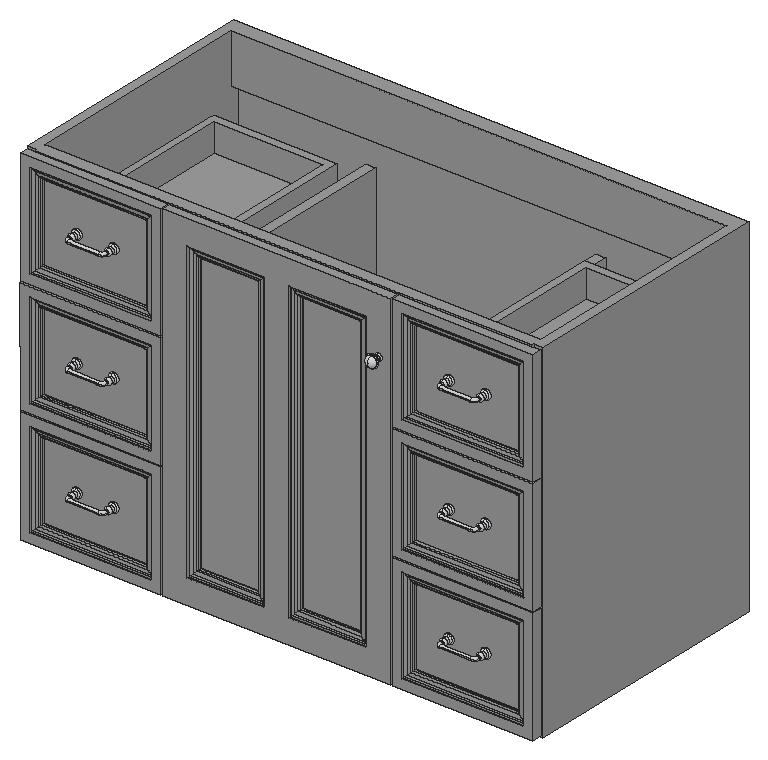
Revit family "Furniture-Vanity-KOHLER-Damask-K-99563", category Casework, host Face, Revit 2020
Family settings
  Host = Face
  OmniClass Number = 23.40.35.17.47.14
  OmniClass Title = Bathroom Casework
  Cut with Voids When Loaded = No
  Shared = No
  Room Calculation Point = No
Parameters (values of type "Not a Type-See Type Catalog")
  Width = if(LG, 42 3/4", 42")  # 42"
  URL = "https://www.us.kohler.com/us/"
  Type = 0
  TK = or(Type = 10, Type = 11, Type = 12, Type = 13, Type = 14, Type = 15, Type = 16, Type = 17, Type = 18)  # no
  Product data url = "https://bimobject.com/kohler/product/kohler-K-99563-LG"
  Product Page URL = "http://www.us.kohler.com/us/catalog/productDetails.jsp?productNumber=99563-LG"
  Product Name = "Damask"  # constant formula
  Product Guid = "89f5e6b5-1f7d-48f5-865e-22bb37d1e58b"
  Product Documentation Link = "http://www.us.kohler.com/onlinecatalog/pdf/K-99563-LG_spec.pdf"
  Model = if(Type = 1, "K-99563-LG-1WA", if(Type = 2, "K-99563-LG-1WF", if(Type = 3, "K-99563-LG-1WD", if(Type = 4, "K-99563-LG-1WG", if(Type = 5, "K-99563-LG-1WB", if(Type = 6, "K-99563-LG-1WC", if(Type = 7, "K-99563-LG-1WE", if(Type = 8, "K-99563-LG-1WT", if(Type = 9, "K-99563-LG-1WU", if(Type = 10, "K-99563-TK-1WA", if(Type = 11, "K-99563-TK-1WF", if(Type = 12, "K-99563-TK-1WD", if(Type = 13, "K-99563-TK-1WG", if(Type = 14, "K-99563-TK-1WB", if(Type = 15, "K-99563-TK-1WC", if(Type = 16, "K-99563-TK-1WE", if(Type = 17, "K-99563-TK-1WT", if(Type = 18, "K-99563-TK-1WU", "NA"))))))))))))))))))  # "NA"
  Material = "Solid Wood and Veneers"  # constant formula
  MasterFormat 2004 = "08.71.73"  # constant formula
  MasterFormat 1995 = "08715"  # constant formula
  Manufacturer Address = "444 Highland Dr, Kohler, WI 53044"  # constant formula
  Manufacturer = "KOHLER Co."  # constant formula
  Product Finish = Default
  LG = or(Type = 1, Type = 2, Type = 3, Type = 4, Type = 5, Type = 6, Type = 7, Type = 8, Type = 9)  # no
  Height = 34 1/2"  # constant formula
  Hardware Included = 0 = 1  # no
  Finish = if(Type = 1, "Kohler-Wood-1WA-Linen White", if(Type = 2, "Kohler-Wood-1WF-Khaki White Oak", if(Type = 3, "Kohler-Wood-1WD-Ramie Walnut", if(Type = 4, "Kohler-Wood-1WG-Cherry Tweed", if(Type = 5, "Kohler-Wood-1WB-Claret Suede", if(Type = 6, "Kohler-Wood-1WC-Felt Grey", if(Type = 7, "Kohler-Wood-1WE-Terry Walnut", if(Type = 8, "Kohler-Wood-1WT-Mohair Grey", if(Type = 9, "Kohler-Wood-1WU-Batiste Black", if(Type = 10, "Kohler-Wood-1WA-Linen White", if(Type = 11, "Kohler-Wood-1WF-Khaki White Oak", if(Type = 12, "Kohler-Wood-1WD-Ramie Walnut", if(Type = 13, "Kohler-Wood-1WG-Cherry Tweed", if(Type = 14, "Kohler-Wood-1WB-Claret Suede", if(Type = 15, "Kohler-Wood-1WC-Felt Grey", if(Type = 16, "Kohler-Wood-1WE-Terry Walnut", if(Type = 17, "Kohler-Wood-1WT-Mohair Grey", if(Type = 18, "Kohler-Wood-1WU-Batiste Black", "NA"))))))))))))))))))  # "NA"
  Environmental Product Declaration = ""
  Edition number = 1
  Description = if(or(Type = 1, Type = 2, Type = 3, Type = 4, Type = 5, Type = 6, Type = 7, Type = 8, Type = 9), "42 inch bathroom vanity cabinet with furniture legs, 1 door and 6 drawers", if(or(Type = 10, Type = 11, Type = 12, Type = 13, Type = 14, Type = 15, Type = 16, Type = 17, Type = 18), "42 inch bathroom vanity cabinet with toe kick, 1 door and 6 drawers", "NA"))  # "NA"
  Depth = if(LG, 22 1/4", 21 7/8")  # 21 7/8"
  Default Elevation = 0"
  Declare Label = ""
  Date Modified = "06/13/2018"  # constant formula
  Date Created = "06/13/2018"  # constant formula
  Copyright = "Copyright KOHLER Co."  # constant formula
  Contact Us = "https://www.us.kohler.com/us/static/contact.jsp"
  Construction Type = "Floor_Mount"  # constant formula
  Assembly Code = "E2010"
  ADA Compliant = 1 = 0  # no
Reference planes (in)
  plane 1 "Center (Front/Back)": y = 0
  plane 2: z = 0
  plane 3 "Center (Left/Right)": x = 0
  plane 4: x = -21
  plane 5: x = 21
  plane 6: y = 11.5625
  plane 7: y = -10.3125
  plane 8: z = 34.5
Dimensions and locks (in)
  equal spacing: plane 4, plane 3 "Center (Left/Right)", plane 5
  "Width": plane 4 to plane 5
  "Height": plane 8 to level
  "Depth": plane 6 to plane 7
  aligned and locked: plane 2 to host face
  aligned and locked: level to host face
  aligned and locked: plane 6 to nested 1
  aligned and locked: plane 8 to nested 1  (x2)
  aligned and locked: level to nested 1
Automatic sketch dimensions
  host sketch curve to host sketch curve = 96"  (x2)
Nested families (in)
  nested 1: "K-99563" at (0, 0, 0), type "K-99563"
    with LG no
Definition of nested family "K-99563"
  Parameters (values of type "K-99563")
    TK = no
    Material = none
    LG = yes
    Default Elevation = 0"
  Reference planes (in)
    plane 1 "Center (Front/Back)": y = 0
    plane 2: z = 0
    plane 3 "Center (Left/Right)": x = 0
    plane 4: z = 34.5
    plane 5: y = 11.5625
    plane 6: y = -10.6875
  Forms (in)
    Extrusion 1, solid, material <- "Material", detail levels medium+fine
      sketch origin (0, 0, 0) x (1, 0, 0) y (0, 1, 0)
        loop
          line (21, 11.5625) -> (-21, 11.5625) -> (-21, -9.4375) -> (-20.25, -9.4375) -> (-20.25, 11.0625) -> (20.25, 11.0625) -> (20.25, -9.4375) -> (21, -9.4375) -> (21, 11.5625)
      from 6.0625 to 34.5625
    Extrusion 2, solid, material <- "Material", detail levels medium+fine
      sketch origin (0, 0, 0) x (1, 0, 0) y (0, 1, 0)
        loop
          line (-20.25, 10.3125) -> (20.25, 10.3125) -> (20.25, 11.0625) -> (-20.25, 11.0625) -> (-20.25, 10.3125)
      from 30.5625 to 34.5625
    Extrusion 3, solid, material <- "Material", detail levels medium+fine
      sketch origin (0, 0, 0) x (1, 0, 0) y (0, 1, 0)
        loop
          line (-10.125, 8.4375) -> (-20.25, 8.4375) -> (-20.25, -9.3125) -> (-19.625, -9.3125) -> (-19.625, 7.8125) -> (-10.75, 7.8125) -> (-10.75, -9.3125) -> (-10.125, -9.3125) -> (-10.125, 8.4375)
        loop
          line (20.25, 8.4375) -> (10.125, 8.4375) -> (10.125, -9.3125) -> (10.75, -9.3125) -> (10.75, 7.8125) -> (19.625, 7.8125) -> (19.625, -9.3125) -> (20.25, -9.3125) -> (20.25, 8.4375)
      from 6.8125 to 29.22917
    Extrusion 4, solid, material <- "Material", detail levels medium+fine
      sketch origin (0, 0, 0) x (1, 0, 0) y (0, 0, 1)
        loop
          line (-10.5, 26.72917) -> (-10.5, 26.97917) -> (-19.875, 26.97917) -> (-19.875, 26.72917) -> (-10.5, 26.72917)
        loop
          line (19.875, 26.97917) -> (10.5, 26.97917) -> (10.5, 26.72917) -> (19.875, 26.72917) -> (19.875, 26.97917)
      from -8.0625 to 9.1875
    Extrusion 5, solid, material <- "Material", detail levels medium+fine
      sketch origin (0, 0, 0) x (0, 1, 0) y (0, 0, 1)
        loop
          line (-7.4375, 33.5625) -> (-8.6875, 33.5625) -> (-8.6875, 31.5625) -> (-9.4375, 31.5625) -> (-9.4375, 6.8125) -> (11.0625, 6.8125) -> (11.0625, 28.1875) -> (-5.4375, 28.1875)
          arc (-5.4375, 28.1875) -> (-6.85171, 28.77329) -> (-7.4375, 30.1875) r 2
          line (-7.4375, 30.1875) -> (-7.4375, 33.5625)
      from 9 to 9.75
    Extrusion 6, solid, material <- "Material", detail levels medium+fine
      sketch origin (0, 0, 0) x (0, 1, 0) y (0, 0, 1)
        loop
          line (-7.4375, 33.5625) -> (-8.6875, 33.5625) -> (-8.6875, 31.5625) -> (-9.4375, 31.5625) -> (-9.4375, 6.8125) -> (11.0625, 6.8125) -> (11.0625, 28.1875) -> (-5.4375, 28.1875)
          arc (-5.4375, 28.1875) -> (-6.85171, 28.77329) -> (-7.4375, 30.1875) r 2
          line (-7.4375, 30.1875) -> (-7.4375, 33.5625)
      from -9.74998 to -8.99997
    Extrusion 7, solid, material <- "Material", detail levels medium+fine
      sketch origin (0, 0, 0) x (1, 0, 0) y (0, 1, 0)
        loop
          line (10.5, -9.1875) -> (20.062, -9.1875) -> (20.062, -8.6875) -> (10.5, -8.6875) -> (10.5, -9.1875)
        loop
          line (-10.3125, -8.6875) -> (-19.875, -8.6875) -> (-19.875, -9.1875) -> (-10.3125, -9.1875) -> (-10.3125, -8.6875)
      from 6.8125 to 29.22917
    Extrusion 8, solid, material <- "Material", detail levels medium+fine
      sketch origin (0, 0, 0) x (1, 0, 0) y (0, 1, 0)
        loop
          line (-20.25, -9.5625) -> (20.25, -9.5625) -> (20.25, -8.6875) -> (-20.25, -8.6875) -> (-20.25, -9.5625)
      from 30.56182 to 34.5625
    Extrusion 9, solid, material <- "Material", detail levels medium+fine
      sketch origin (0, 0, 0) x (1, 0, 0) y (0, 0, 1)
        loop
          line (-9.4375, 34.4375) -> (-20.9375, 34.4375) -> (-20.9375, 25.10417) -> (-9.4375, 25.10417) -> (-9.4375, 34.4375)
        loop
          line (-10.18755, 25.85422) -> (-10.18755, 33.68745) -> (-20.18745, 33.68745) -> (-20.18745, 25.85422) -> (-10.18755, 25.85422)
        loop
          line (-9.4375, 24.97917) -> (-20.9375, 24.97917) -> (-20.9375, 15.64583) -> (-9.4375, 15.64583) -> (-9.4375, 24.97917)
        loop
          line (-10.18755, 16.39588) -> (-10.18755, 24.22912) -> (-20.18745, 24.22912) -> (-20.18745, 16.39588) -> (-10.18755, 16.39588)
        loop
          line (-9.4375, 15.52083) -> (-20.9375, 15.52083) -> (-20.9375, 6.1875) -> (-9.4375, 6.1875) -> (-9.4375, 15.52083)
        loop
          line (-20.18745, 14.77078) -> (-20.18745, 6.93755) -> (-10.18755, 6.93755) -> (-10.18755, 14.77078) -> (-20.18745, 14.77078)
        loop
          line (-9.3125, 6.1875) -> (9.31249, 6.1875) -> (9.31249, 34.4375) -> (-9.3125, 34.4375) -> (-9.3125, 6.1875)
        loop
          line (-7.3125, 32.4375) -> (-7.3125, 8.1875) -> (-0.99955, 8.1875) -> (-0.99955, 32.4375) -> (-7.3125, 32.4375)
        loop
          line (7.31249, 32.4375) -> (1.00052, 32.4375) -> (1.00052, 8.1875) -> (7.31249, 8.1875) -> (7.31249, 32.4375)
        loop
          line (20.9375, 34.4375) -> (9.4375, 34.4375) -> (9.4375, 25.10417) -> (20.9375, 25.10417) -> (20.9375, 34.4375)
        loop
          line (20.18745, 33.68745) -> (10.18755, 33.68745) -> (10.18755, 25.85422) -> (20.18745, 25.85422) -> (20.18745, 33.68745)
        loop
          line (20.937, 24.97917) -> (9.437, 24.97917) -> (9.437, 15.64583) -> (20.937, 15.64583) -> (20.937, 24.97917)
        loop
          line (10.18705, 24.22912) -> (10.18705, 16.39588) -> (20.18695, 16.39588) -> (20.18695, 24.22912) -> (10.18705, 24.22912)
        loop
          line (20.937, 15.52083) -> (9.437, 15.52083) -> (9.437, 6.1875) -> (20.937, 6.1875) -> (20.937, 15.52083)
        loop
          line (10.18705, 14.77078) -> (10.18705, 6.93755) -> (20.18695, 6.93755) -> (20.18695, 14.77078) -> (10.18705, 14.77078)
      from 9.5625 to 10.3125
    Sweep 10, solid, material <- "Material", detail levels medium+fine
      path origin (0, 0, 0) x (1, 0, 0) y (0, 0, 1)
        loop
          line (-10.9375, 32.9375) -> (-19.4375, 32.9375) -> (-19.4375, 26.60416) -> (-10.9375, 26.60416) -> (-10.9375, 32.9375)
      profile origin (-19.4375, 0, 29.77083) x (-1, 0, 0) y (0, -1, 0)
        loop
          line (0.5, 9.5625) -> (0.74995, 9.5625) -> (0.74995, 10.1875) -> (0.62495, 10.1875)
          arc (0.62495, 10.1875) -> (0.55976, 10.1366) -> (0.48333, 10.10497) r 0.30669
          arc (0.48333, 10.10497) -> (0.34773, 10.07361) -> (0.21049, 10.05043) r 2.32593
          arc (0.21049, 10.05043) -> (0.13431, 10.03148) -> (0.06384, 9.99688) r 0.36989
          arc (0.06384, 9.99688) -> (0.01702, 9.94723) -> (0, 9.88114) r 0.13684
          line (0, 9.88114) -> (0, 9.8125) -> (0.5, 9.8125) -> (0.5, 9.5625)
    Sweep 11, solid, material <- "Material", detail levels medium+fine
      path origin (0, 0, -9.45796) x (1, 0, 0) y (0, 0, 1)
        loop
          line (-10.9375, 32.9375) -> (-19.4375, 32.9375) -> (-19.4375, 26.60416) -> (-10.9375, 26.60416) -> (-10.9375, 32.9375)
      profile origin (-19.4375, 0, 20.31288) x (-1, 0, 0) y (0, -1, 0)
        loop
          line (0.5, 9.5625) -> (0.74995, 9.5625) -> (0.74995, 10.1875) -> (0.62495, 10.1875)
          arc (0.62495, 10.1875) -> (0.55976, 10.1366) -> (0.48333, 10.10497) r 0.30669
          arc (0.48333, 10.10497) -> (0.34773, 10.07361) -> (0.21049, 10.05043) r 2.32593
          arc (0.21049, 10.05043) -> (0.13431, 10.03148) -> (0.06384, 9.99688) r 0.36989
          arc (0.06384, 9.99688) -> (0.01702, 9.94723) -> (0, 9.88114) r 0.13684
          line (0, 9.88114) -> (0, 9.8125) -> (0.5, 9.8125) -> (0.5, 9.5625)
    Sweep 12, solid, material <- "Material", detail levels medium+fine
      path origin (0, 0, -18.91629) x (1, 0, 0) y (0, 0, 1)
        loop
          line (-10.9375, 32.9375) -> (-19.4375, 32.9375) -> (-19.4375, 26.60416) -> (-10.9375, 26.60416) -> (-10.9375, 32.9375)
      profile origin (-19.4375, 0, 10.85454) x (-1, 0, 0) y (0, -1, 0)
        loop
          line (0.5, 9.5625) -> (0.74995, 9.5625) -> (0.74995, 10.1875) -> (0.62495, 10.1875)
          arc (0.62495, 10.1875) -> (0.55976, 10.1366) -> (0.48333, 10.10497) r 0.30669
          arc (0.48333, 10.10497) -> (0.34773, 10.07361) -> (0.21049, 10.05043) r 2.32593
          arc (0.21049, 10.05043) -> (0.13431, 10.03148) -> (0.06384, 9.99688) r 0.36989
          arc (0.06384, 9.99688) -> (0.01702, 9.94723) -> (0, 9.88114) r 0.13684
          line (0, 9.88114) -> (0, 9.8125) -> (0.5, 9.8125) -> (0.5, 9.5625)
    Sweep 13, solid, material <- "Material", detail levels medium+fine
      path origin (30.37411, 0, -18.91629) x (1, 0, 0) y (0, 0, 1)
        loop
          line (-10.9375, 32.9375) -> (-19.4375, 32.9375) -> (-19.4375, 26.60416) -> (-10.9375, 26.60416) -> (-10.9375, 32.9375)
      profile origin (10.93661, 0, 10.85454) x (-1, 0, 0) y (0, -1, 0)
        loop
          line (0.5, 9.5625) -> (0.74995, 9.5625) -> (0.74995, 10.1875) -> (0.62495, 10.1875)
          arc (0.62495, 10.1875) -> (0.55976, 10.1366) -> (0.48333, 10.10497) r 0.30669
          arc (0.48333, 10.10497) -> (0.34773, 10.07361) -> (0.21049, 10.05043) r 2.32593
          arc (0.21049, 10.05043) -> (0.13431, 10.03148) -> (0.06384, 9.99688) r 0.36989
          arc (0.06384, 9.99688) -> (0.01702, 9.94723) -> (0, 9.88114) r 0.13684
          line (0, 9.88114) -> (0, 9.8125) -> (0.5, 9.8125) -> (0.5, 9.5625)
    Sweep 14, solid, material <- "Material", detail levels medium+fine
      path origin (30.37411, 0, -9.45796) x (1, 0, 0) y (0, 0, 1)
        loop
          line (-10.9375, 32.9375) -> (-19.4375, 32.9375) -> (-19.4375, 26.60416) -> (-10.9375, 26.60416) -> (-10.9375, 32.9375)
      profile origin (10.93661, 0, 20.31288) x (-1, 0, 0) y (0, -1, 0)
        loop
          line (0.5, 9.5625) -> (0.74995, 9.5625) -> (0.74995, 10.1875) -> (0.62495, 10.1875)
          arc (0.62495, 10.1875) -> (0.55976, 10.1366) -> (0.48333, 10.10497) r 0.30669
          arc (0.48333, 10.10497) -> (0.34773, 10.07361) -> (0.21049, 10.05043) r 2.32593
          arc (0.21049, 10.05043) -> (0.13431, 10.03148) -> (0.06384, 9.99688) r 0.36989
          arc (0.06384, 9.99688) -> (0.01702, 9.94723) -> (0, 9.88114) r 0.13684
          line (0, 9.88114) -> (0, 9.8125) -> (0.5, 9.8125) -> (0.5, 9.5625)
    Sweep 15, solid, material <- "Material", detail levels medium+fine
      path origin (30.37411, 0, 0.00038) x (1, 0, 0) y (0, 0, 1)
        loop
          line (-10.9375, 32.9375) -> (-19.4375, 32.9375) -> (-19.4375, 26.60416) -> (-10.9375, 26.60416) -> (-10.9375, 32.9375)
      profile origin (10.93661, 0, 29.77121) x (-1, 0, 0) y (0, -1, 0)
        loop
          line (0.5, 9.5625) -> (0.74995, 9.5625) -> (0.74995, 10.1875) -> (0.62495, 10.1875)
          arc (0.62495, 10.1875) -> (0.55976, 10.1366) -> (0.48333, 10.10497) r 0.30669
          arc (0.48333, 10.10497) -> (0.34773, 10.07361) -> (0.21049, 10.05043) r 2.32593
          arc (0.21049, 10.05043) -> (0.13431, 10.03148) -> (0.06384, 9.99688) r 0.36989
          arc (0.06384, 9.99688) -> (0.01702, 9.94723) -> (0, 9.88114) r 0.13684
          line (0, 9.88114) -> (0, 9.8125) -> (0.5, 9.8125) -> (0.5, 9.5625)
    Sweep 16, solid, material <- "Material", detail levels medium+fine
      path origin (0, 0, 0) x (1, 0, 0) y (0, 0, 1)
        loop
          line (-6.5625, 31.68755) -> (-6.5625, 8.93745) -> (-1.7495, 8.93745) -> (-1.7495, 31.68755) -> (-6.5625, 31.68755)
      profile origin (-6.5625, 0, 20.3125) x (0, -1, 0) y (1, 0, 0)
        loop
          line (9.5625, -0.49995) -> (9.5625, -0.7499) -> (10.1875, -0.7499) -> (10.1875, -0.6249)
          arc (10.1875, -0.6249) -> (10.1366, -0.55971) -> (10.10497, -0.48328) r 0.30669
          arc (10.10497, -0.48328) -> (10.07361, -0.34768) -> (10.05043, -0.21044) r 2.32593
          arc (10.05043, -0.21044) -> (10.03148, -0.13426) -> (9.99688, -0.06379) r 0.36989
          arc (9.99688, -0.06379) -> (9.94723, -0.01697) -> (9.88114, 0.00005) r 0.13684
          line (9.88114, 0.00005) -> (9.8125, 0.00005) -> (9.8125, -0.49995) -> (9.5625, -0.49995)
    Sweep 17, solid, material <- "Material", detail levels medium+fine
      path origin (8.31295, 0, 0) x (1, 0, 0) y (0, 0, 1)
        loop
          line (-6.5625, 31.68755) -> (-6.5625, 8.93745) -> (-1.7495, 8.93745) -> (-1.7495, 31.68755) -> (-6.5625, 31.68755)
      profile origin (1.75045, 0, 20.3125) x (0, -1, 0) y (1, 0, 0)
        loop
          line (9.5625, -0.49995) -> (9.5625, -0.7499) -> (10.1875, -0.7499) -> (10.1875, -0.6249)
          arc (10.1875, -0.6249) -> (10.1366, -0.55971) -> (10.10497, -0.48328) r 0.30669
          arc (10.10497, -0.48328) -> (10.07361, -0.34768) -> (10.05043, -0.21044) r 2.32593
          arc (10.05043, -0.21044) -> (10.03148, -0.13426) -> (9.99688, -0.06379) r 0.36989
          arc (9.99688, -0.06379) -> (9.94723, -0.01697) -> (9.88114, 0.00005) r 0.13684
          line (9.88114, 0.00005) -> (9.8125, 0.00005) -> (9.8125, -0.49995) -> (9.5625, -0.49995)
    Revolve 18, solid, detail levels medium+fine
      sketch origin (8.31236, 0, 0) x (0, 1, 0) y (0, 0, 1)
        loop
          line (-10.31286, 29.8126) -> (-10.31286, 30.07824)
          arc (-10.31286, 30.07824) -> (-10.38655, 30.05758) -> (-10.43717, 30.00017) r 0.135
          line (-10.43717, 30.00017) -> (-10.49965, 30.00017)
          arc (-10.49965, 30.00017) -> (-10.5255, 30.06435) -> (-10.58815, 30.09372) r 0.09453
          line (-10.58815, 30.09372) -> (-10.71562, 30.10187)
          arc (-10.71562, 30.10187) -> (-10.82949, 30.14313) -> (-10.90331, 30.23915) r 0.21622
          arc (-10.90331, 30.23915) -> (-10.96052, 30.30257) -> (-11.0459, 30.30487) r 0.10839
          arc (-11.0459, 30.30487) -> (-11.05804, 30.29512) -> (-11.06262, 30.28023) r 0.02651
          line (-11.06262, 30.28023) -> (-11.06262, 30.24225)
          arc (-11.06262, 30.24225) -> (-11.31114, 30.08874) -> (-11.40642, 29.8126) r 0.43477
          line (-11.40642, 29.8126) -> (-10.31286, 29.8126)
        axis (-11.40642, 29.8126) -> (-10.31286, 29.8126)
      angle from 0 to 360
    Revolve 19, solid, detail levels medium+fine
      sketch origin (-16.6875, 0, -0.00006) x (0, 1, 0) y (0, 0, 1)
        loop
          line (-9.81209, 29.81258) -> (-10.59119, 29.81258) -> (-10.59119, 29.68757) -> (-10.55153, 29.68757)
          arc (-10.55153, 29.68757) -> (-10.53676, 29.68208) -> (-10.52917, 29.66826) r 0.02259
          arc (-10.52917, 29.66826) -> (-10.46379, 29.57627) -> (-10.35093, 29.57533) r 0.12405
          arc (-10.35093, 29.57533) -> (-10.22867, 29.61016) -> (-10.10211, 29.59809) r 0.34313
          arc (-10.10211, 29.59809) -> (-9.9998, 29.54928) -> (-9.91862, 29.47015) r 0.34776
          arc (-9.91862, 29.47015) -> (-9.87075, 29.43623) -> (-9.81209, 29.43758) r 0.09332
          line (-9.81209, 29.43758) -> (-9.81209, 29.81258)
        axis (-10.59119, 29.81258) -> (-9.81209, 29.81258)
      angle from 0 to 360
    Revolve 20, solid, detail levels medium+fine
      sketch origin (-13.68753, 0, -0.00008) x (0, 1, 0) y (0, 0, 1)
        loop
          line (-9.81209, 29.81258) -> (-10.59119, 29.81258) -> (-10.59119, 29.68757) -> (-10.55153, 29.68757)
          arc (-10.55153, 29.68757) -> (-10.53676, 29.68208) -> (-10.52917, 29.66826) r 0.02259
          arc (-10.52917, 29.66826) -> (-10.46379, 29.57627) -> (-10.35093, 29.57533) r 0.12405
          arc (-10.35093, 29.57533) -> (-10.22867, 29.61016) -> (-10.10211, 29.59809) r 0.34313
          arc (-10.10211, 29.59809) -> (-9.9998, 29.54928) -> (-9.91862, 29.47015) r 0.34776
          arc (-9.91862, 29.47015) -> (-9.87075, 29.43623) -> (-9.81209, 29.43758) r 0.09332
          line (-9.81209, 29.43758) -> (-9.81209, 29.81258)
        axis (-10.59119, 29.81258) -> (-9.81209, 29.81258)
      angle from 0 to 360
    Sweep 21, solid, detail levels medium+fine
      path origin (0, 0, 0) x (1, 0, 0) y (0, 1, 0)
        loop
          line (-16.6875, -10.59119) -> (-16.6875, -10.71492)
          arc (-16.6875, -10.71492) -> (-16.62229, -10.87236) -> (-16.46485, -10.93758) r 0.22266
          line (-16.46485, -10.93758) -> (-13.91056, -10.93758)
          arc (-13.91056, -10.93758) -> (-13.75285, -10.87225) -> (-13.68753, -10.71455) r 0.22303
          line (-13.68753, -10.71455) -> (-13.68753, -10.59119)
      profile origin (-16.6875, -10.65305, 0) x (1, 0, 0) y (0, 0, 1)
        loop
          circle (0, 29.81252) r 0.12501
    Revolve 22, solid, detail levels medium+fine
      sketch origin (-16.6875, 0, -9.45864) x (0, 1, 0) y (0, 0, 1)
        loop
          line (-9.81209, 29.81258) -> (-10.59119, 29.81258) -> (-10.59119, 29.68757) -> (-10.55153, 29.68757)
          arc (-10.55153, 29.68757) -> (-10.53676, 29.68208) -> (-10.52917, 29.66826) r 0.02259
          arc (-10.52917, 29.66826) -> (-10.46379, 29.57627) -> (-10.35093, 29.57533) r 0.12405
          arc (-10.35093, 29.57533) -> (-10.22867, 29.61016) -> (-10.10211, 29.59809) r 0.34313
          arc (-10.10211, 29.59809) -> (-9.9998, 29.54928) -> (-9.91862, 29.47015) r 0.34776
          arc (-9.91862, 29.47015) -> (-9.87075, 29.43623) -> (-9.81209, 29.43758) r 0.09332
          line (-9.81209, 29.43758) -> (-9.81209, 29.81258)
        axis (-10.59119, 29.81258) -> (-9.81209, 29.81258)
      angle from 0 to 360
    Revolve 23, solid, detail levels medium+fine
      sketch origin (-13.68753, 0, -9.45865) x (0, 1, 0) y (0, 0, 1)
        loop
          line (-9.81209, 29.81258) -> (-10.59119, 29.81258) -> (-10.59119, 29.68757) -> (-10.55153, 29.68757)
          arc (-10.55153, 29.68757) -> (-10.53676, 29.68208) -> (-10.52917, 29.66826) r 0.02259
          arc (-10.52917, 29.66826) -> (-10.46379, 29.57627) -> (-10.35093, 29.57533) r 0.12405
          arc (-10.35093, 29.57533) -> (-10.22867, 29.61016) -> (-10.10211, 29.59809) r 0.34313
          arc (-10.10211, 29.59809) -> (-9.9998, 29.54928) -> (-9.91862, 29.47015) r 0.34776
          arc (-9.91862, 29.47015) -> (-9.87075, 29.43623) -> (-9.81209, 29.43758) r 0.09332
          line (-9.81209, 29.43758) -> (-9.81209, 29.81258)
        axis (-10.59119, 29.81258) -> (-9.81209, 29.81258)
      angle from 0 to 360
    Sweep 24, solid, detail levels medium+fine
      path origin (0, 0, -9.45833) x (1, 0, 0) y (0, 1, 0)
        loop
          line (-16.6875, -10.59119) -> (-16.6875, -10.71492)
          arc (-16.6875, -10.71492) -> (-16.62229, -10.87236) -> (-16.46485, -10.93758) r 0.22266
          line (-16.46485, -10.93758) -> (-13.91056, -10.93758)
          arc (-13.91056, -10.93758) -> (-13.75285, -10.87225) -> (-13.68753, -10.71455) r 0.22303
          line (-13.68753, -10.71455) -> (-13.68753, -10.59119)
      profile origin (-16.6875, -10.65305, -9.45833) x (1, 0, 0) y (0, 0, 1)
        loop
          circle (0, 29.81252) r 0.12501
    Revolve 25, solid, detail levels medium+fine
      sketch origin (-16.6875, 0, -18.91675) x (0, 1, 0) y (0, 0, 1)
        loop
          line (-9.81209, 29.81258) -> (-10.59119, 29.81258) -> (-10.59119, 29.68757) -> (-10.55153, 29.68757)
          arc (-10.55153, 29.68757) -> (-10.53676, 29.68208) -> (-10.52917, 29.66826) r 0.02259
          arc (-10.52917, 29.66826) -> (-10.46379, 29.57627) -> (-10.35093, 29.57533) r 0.12405
          arc (-10.35093, 29.57533) -> (-10.22867, 29.61016) -> (-10.10211, 29.59809) r 0.34313
          arc (-10.10211, 29.59809) -> (-9.9998, 29.54928) -> (-9.91862, 29.47015) r 0.34776
          arc (-9.91862, 29.47015) -> (-9.87075, 29.43623) -> (-9.81209, 29.43758) r 0.09332
          line (-9.81209, 29.43758) -> (-9.81209, 29.81258)
        axis (-10.59119, 29.81258) -> (-9.81209, 29.81258)
      angle from 0 to 360
    Revolve 26, solid, detail levels medium+fine
      sketch origin (-13.68753, 0, -18.91676) x (0, 1, 0) y (0, 0, 1)
        loop
          line (-9.81209, 29.81258) -> (-10.59119, 29.81258) -> (-10.59119, 29.68757) -> (-10.55153, 29.68757)
          arc (-10.55153, 29.68757) -> (-10.53676, 29.68208) -> (-10.52917, 29.66826) r 0.02259
          arc (-10.52917, 29.66826) -> (-10.46379, 29.57627) -> (-10.35093, 29.57533) r 0.12405
          arc (-10.35093, 29.57533) -> (-10.22867, 29.61016) -> (-10.10211, 29.59809) r 0.34313
          arc (-10.10211, 29.59809) -> (-9.9998, 29.54928) -> (-9.91862, 29.47015) r 0.34776
          arc (-9.91862, 29.47015) -> (-9.87075, 29.43623) -> (-9.81209, 29.43758) r 0.09332
          line (-9.81209, 29.43758) -> (-9.81209, 29.81258)
        axis (-10.59119, 29.81258) -> (-9.81209, 29.81258)
      angle from 0 to 360
    Sweep 27, solid, detail levels medium+fine
      path origin (0, 0, -18.91669) x (1, 0, 0) y (0, 1, 0)
        loop
          line (-16.6875, -10.59119) -> (-16.6875, -10.71492)
          arc (-16.6875, -10.71492) -> (-16.62229, -10.87236) -> (-16.46485, -10.93758) r 0.22266
          line (-16.46485, -10.93758) -> (-13.91056, -10.93758)
          arc (-13.91056, -10.93758) -> (-13.75285, -10.87225) -> (-13.68753, -10.71455) r 0.22303
          line (-13.68753, -10.71455) -> (-13.68753, -10.59119)
      profile origin (-16.6875, -10.65305, -18.91669) x (1, 0, 0) y (0, 0, 1)
        loop
          circle (0, 29.81252) r 0.12501
    Revolve 28, solid, detail levels medium+fine
      sketch origin (13.68605, 0.00047, -18.91675) x (0, 1, 0) y (0, 0, 1)
        loop
          line (-9.81209, 29.81258) -> (-10.59119, 29.81258) -> (-10.59119, 29.68757) -> (-10.55153, 29.68757)
          arc (-10.55153, 29.68757) -> (-10.53676, 29.68208) -> (-10.52917, 29.66826) r 0.02259
          arc (-10.52917, 29.66826) -> (-10.46379, 29.57627) -> (-10.35093, 29.57533) r 0.12405
          arc (-10.35093, 29.57533) -> (-10.22867, 29.61016) -> (-10.10211, 29.59809) r 0.34313
          arc (-10.10211, 29.59809) -> (-9.9998, 29.54928) -> (-9.91862, 29.47015) r 0.34776
          arc (-9.91862, 29.47015) -> (-9.87075, 29.43623) -> (-9.81209, 29.43758) r 0.09332
          line (-9.81209, 29.43758) -> (-9.81209, 29.81258)
        axis (-10.59119, 29.81258) -> (-9.81209, 29.81258)
      angle from 0 to 360
    Revolve 29, solid, detail levels medium+fine
      sketch origin (16.68602, 0.00047, -18.91676) x (0, 1, 0) y (0, 0, 1)
        loop
          line (-9.81209, 29.81258) -> (-10.59119, 29.81258) -> (-10.59119, 29.68757) -> (-10.55153, 29.68757)
          arc (-10.55153, 29.68757) -> (-10.53676, 29.68208) -> (-10.52917, 29.66826) r 0.02259
          arc (-10.52917, 29.66826) -> (-10.46379, 29.57627) -> (-10.35093, 29.57533) r 0.12405
          arc (-10.35093, 29.57533) -> (-10.22867, 29.61016) -> (-10.10211, 29.59809) r 0.34313
          arc (-10.10211, 29.59809) -> (-9.9998, 29.54928) -> (-9.91862, 29.47015) r 0.34776
          arc (-9.91862, 29.47015) -> (-9.87075, 29.43623) -> (-9.81209, 29.43758) r 0.09332
          line (-9.81209, 29.43758) -> (-9.81209, 29.81258)
        axis (-10.59119, 29.81258) -> (-9.81209, 29.81258)
      angle from 0 to 360
    Sweep 30, solid, detail levels medium+fine
      path origin (30.37355, 0.00047, -18.91669) x (1, 0, 0) y (0, 1, 0)
        loop
          line (-16.6875, -10.59119) -> (-16.6875, -10.71492)
          arc (-16.6875, -10.71492) -> (-16.62229, -10.87236) -> (-16.46485, -10.93758) r 0.22266
          line (-16.46485, -10.93758) -> (-13.91056, -10.93758)
          arc (-13.91056, -10.93758) -> (-13.75285, -10.87225) -> (-13.68753, -10.71455) r 0.22303
          line (-13.68753, -10.71455) -> (-13.68753, -10.59119)
      profile origin (13.68605, -10.65258, -18.91669) x (1, 0, 0) y (0, 0, 1)
        loop
          circle (0, 29.81252) r 0.12501
    Revolve 31, solid, detail levels medium+fine
      sketch origin (13.68605, 0.00047, -9.45936) x (0, 1, 0) y (0, 0, 1)
        loop
          line (-9.81209, 29.81258) -> (-10.59119, 29.81258) -> (-10.59119, 29.68757) -> (-10.55153, 29.68757)
          arc (-10.55153, 29.68757) -> (-10.53676, 29.68208) -> (-10.52917, 29.66826) r 0.02259
          arc (-10.52917, 29.66826) -> (-10.46379, 29.57627) -> (-10.35093, 29.57533) r 0.12405
          arc (-10.35093, 29.57533) -> (-10.22867, 29.61016) -> (-10.10211, 29.59809) r 0.34313
          arc (-10.10211, 29.59809) -> (-9.9998, 29.54928) -> (-9.91862, 29.47015) r 0.34776
          arc (-9.91862, 29.47015) -> (-9.87075, 29.43623) -> (-9.81209, 29.43758) r 0.09332
          line (-9.81209, 29.43758) -> (-9.81209, 29.81258)
        axis (-10.59119, 29.81258) -> (-9.81209, 29.81258)
      angle from 0 to 360
    Revolve 32, solid, detail levels medium+fine
      sketch origin (16.68602, 0.00047, -9.45938) x (0, 1, 0) y (0, 0, 1)
        loop
          line (-9.81209, 29.81258) -> (-10.59119, 29.81258) -> (-10.59119, 29.68757) -> (-10.55153, 29.68757)
          arc (-10.55153, 29.68757) -> (-10.53676, 29.68208) -> (-10.52917, 29.66826) r 0.02259
          arc (-10.52917, 29.66826) -> (-10.46379, 29.57627) -> (-10.35093, 29.57533) r 0.12405
          arc (-10.35093, 29.57533) -> (-10.22867, 29.61016) -> (-10.10211, 29.59809) r 0.34313
          arc (-10.10211, 29.59809) -> (-9.9998, 29.54928) -> (-9.91862, 29.47015) r 0.34776
          arc (-9.91862, 29.47015) -> (-9.87075, 29.43623) -> (-9.81209, 29.43758) r 0.09332
          line (-9.81209, 29.43758) -> (-9.81209, 29.81258)
        axis (-10.59119, 29.81258) -> (-9.81209, 29.81258)
      angle from 0 to 360
    Sweep 33, solid, detail levels medium+fine
      path origin (30.37355, 0.00047, -9.4593) x (1, 0, 0) y (0, 1, 0)
        loop
          line (-16.6875, -10.59119) -> (-16.6875, -10.71492)
          arc (-16.6875, -10.71492) -> (-16.62229, -10.87236) -> (-16.46485, -10.93758) r 0.22266
          line (-16.46485, -10.93758) -> (-13.91056, -10.93758)
          arc (-13.91056, -10.93758) -> (-13.75285, -10.87225) -> (-13.68753, -10.71455) r 0.22303
          line (-13.68753, -10.71455) -> (-13.68753, -10.59119)
      profile origin (13.68605, -10.65258, -9.4593) x (1, 0, 0) y (0, 0, 1)
        loop
          circle (0, 29.81252) r 0.12501
    Revolve 34, solid, detail levels medium+fine
      sketch origin (13.68605, 0.00047, 0.00018) x (0, 1, 0) y (0, 0, 1)
        loop
          line (-9.81209, 29.81258) -> (-10.59119, 29.81258) -> (-10.59119, 29.68757) -> (-10.55153, 29.68757)
          arc (-10.55153, 29.68757) -> (-10.53676, 29.68208) -> (-10.52917, 29.66826) r 0.02259
          arc (-10.52917, 29.66826) -> (-10.46379, 29.57627) -> (-10.35093, 29.57533) r 0.12405
          arc (-10.35093, 29.57533) -> (-10.22867, 29.61016) -> (-10.10211, 29.59809) r 0.34313
          arc (-10.10211, 29.59809) -> (-9.9998, 29.54928) -> (-9.91862, 29.47015) r 0.34776
          arc (-9.91862, 29.47015) -> (-9.87075, 29.43623) -> (-9.81209, 29.43758) r 0.09332
          line (-9.81209, 29.43758) -> (-9.81209, 29.81258)
        axis (-10.59119, 29.81258) -> (-9.81209, 29.81258)
      angle from 0 to 360
    Revolve 35, solid, detail levels medium+fine
      sketch origin (16.68602, 0.00047, 0.00017) x (0, 1, 0) y (0, 0, 1)
        loop
          line (-9.81209, 29.81258) -> (-10.59119, 29.81258) -> (-10.59119, 29.68757) -> (-10.55153, 29.68757)
          arc (-10.55153, 29.68757) -> (-10.53676, 29.68208) -> (-10.52917, 29.66826) r 0.02259
          arc (-10.52917, 29.66826) -> (-10.46379, 29.57627) -> (-10.35093, 29.57533) r 0.12405
          arc (-10.35093, 29.57533) -> (-10.22867, 29.61016) -> (-10.10211, 29.59809) r 0.34313
          arc (-10.10211, 29.59809) -> (-9.9998, 29.54928) -> (-9.91862, 29.47015) r 0.34776
          arc (-9.91862, 29.47015) -> (-9.87075, 29.43623) -> (-9.81209, 29.43758) r 0.09332
          line (-9.81209, 29.43758) -> (-9.81209, 29.81258)
        axis (-10.59119, 29.81258) -> (-9.81209, 29.81258)
      angle from 0 to 360
    Sweep 36, solid, detail levels medium+fine
      path origin (30.37355, 0.00047, 0.00024) x (1, 0, 0) y (0, 1, 0)
        loop
          line (-16.6875, -10.59119) -> (-16.6875, -10.71492)
          arc (-16.6875, -10.71492) -> (-16.62229, -10.87236) -> (-16.46485, -10.93758) r 0.22266
          line (-16.46485, -10.93758) -> (-13.91056, -10.93758)
          arc (-13.91056, -10.93758) -> (-13.75285, -10.87225) -> (-13.68753, -10.71455) r 0.22303
          line (-13.68753, -10.71455) -> (-13.68753, -10.59119)
      profile origin (13.68605, -10.65258, 0.00024) x (1, 0, 0) y (0, 0, 1)
        loop
          circle (0, 29.81252) r 0.12501
    Extrusion 37, solid, material <- "Material", detail levels medium+fine
      sketch origin (0, 0, 0) x (1, 0, 0) y (0, 0, 1)
        loop
          line (-19.4375, 32.9375) -> (-19.4375, 26.60416) -> (-10.9375, 26.60416) -> (-10.9375, 32.9375) -> (-19.4375, 32.9375)
        loop
          line (-19.4375, 17.14621) -> (-10.9375, 17.14621) -> (-10.9375, 23.47955) -> (-19.4375, 23.47955) -> (-19.4375, 17.14621)
        loop
          line (-19.4375, 14.02121) -> (-19.4375, 7.68787) -> (-10.9375, 7.68787) -> (-10.9375, 14.02121) -> (-19.4375, 14.02121)
        loop
          line (-6.56245, 31.6875) -> (-6.56245, 8.9375) -> (-1.74955, 8.9375) -> (-1.74955, 31.6875) -> (-6.56245, 31.6875)
        loop
          line (6.5634, 8.9375) -> (6.5634, 31.6875) -> (1.7505, 31.6875) -> (1.7505, 8.9375) -> (6.5634, 8.9375)
        loop
          line (10.93661, 32.93788) -> (10.93661, 26.60454) -> (19.43661, 26.60454) -> (19.43661, 32.93788) -> (10.93661, 32.93788)
        loop
          line (10.93661, 17.14621) -> (19.43661, 17.14621) -> (19.43661, 23.47955) -> (10.93661, 23.47955) -> (10.93661, 17.14621)
        loop
          line (10.93661, 7.68787) -> (19.43661, 7.68787) -> (19.43661, 14.02121) -> (10.93661, 14.02121) -> (10.93661, 7.68787)
      from 9.56092 to 9.8125
    Extrusion 38, solid, material <- "Material", detail levels medium+fine
      sketch origin (0, 0, 0) x (1, 0, 0) y (0, 1, 0)
        loop
          line (20.25, 11.0625) -> (-20.25, 11.0625) -> (-20.25, -9.4375) -> (20.25, -9.4375) -> (20.25, 11.0625)
      from 6.0625 to 6.8125
    Extrusion 39, solid, material <- "Material", visible <- "LG", detail levels medium+fine
      sketch origin (0, 0, 0) x (1, 0, 0) y (0, 1, 0)
        loop
          line (-21.25, 7.1875) -> (-21.25, -7.1875) -> (-18.75, -7.1875) -> (-18.75, 7.1875) -> (-21.25, 7.1875)
        loop
          line (17.875, -8.0625) -> (-17.875, -8.0625) -> (-17.875, -10.5625) -> (17.875, -10.5625) -> (17.875, -8.0625)
        loop
          line (21.25, -7.1875) -> (21.25, 7.1875) -> (18.75, 7.1875) -> (18.75, -7.1875) -> (21.25, -7.1875)
      from 5.3125 to 6.0625
    Revolve 40, solid, material <- "Material", visible <- "LG", detail levels medium+fine
      sketch origin (0, -8.9375, 0) x (1, 0, 0) y (0, 0, 1)
        loop
          line (-20.75, 3.49971) -> (-20.75, 3.31268)
          arc (-20.75, 3.31268) -> (-21.00974, 3.25092) -> (-21.21833, 3.08426) r 0.61083
          arc (-21.21833, 3.08426) -> (-21.34054, 2.8579) -> (-21.37448, 2.6029) r 0.71319
          arc (-21.37448, 2.6029) -> (-21.30001, 2.21334) -> (-21.12088, 1.85949) r 1.42239
          arc (-21.12088, 1.85949) -> (-20.86485, 1.36099) -> (-20.74999, 0.81249) r 2.09689
          arc (-20.74999, 0.81249) -> (-20.79204, 0.80714) -> (-20.83142, 0.79144) r 0.16796
          arc (-20.83142, 0.79144) -> (-20.89823, 0.73976) -> (-20.94648, 0.67043) r 0.27851
          arc (-20.94648, 0.67043) -> (-21.00051, 0.4375) -> (-20.94648, 0.20456) r 0.52919
          arc (-20.94648, 0.20456) -> (-20.89823, 0.13523) -> (-20.83142, 0.08355) r 0.27851
          arc (-20.83142, 0.08355) -> (-20.79204, 0.06785) -> (-20.74999, 0.0625) r 0.16796
          line (-20.74999, 0.0625) -> (-20.31243, 0.0625) -> (-20.31243, 0.1875) -> (-19.93692, 0.1875) -> (-19.88885, 0.04205)
          arc (-19.88885, 0.04205) -> (-19.86657, 0.01161) -> (-19.83068, 0) r 0.06127
          line (-19.83068, 0) -> (-19.62493, 0) -> (-19.62493, 6.0625) -> (-23.54742, 6.0625)
          arc (-23.54742, 6.0625) -> (-22.38939, 4.51839) -> (-20.75, 3.49971) r 5.22788
        axis (-19.62493, 0) -> (-19.62493, 6.0625)
      angle from 0 to 360
    Revolve 41, solid, material <- "Material", visible <- "LG", detail levels medium+fine
      sketch origin (39.25, -8.9375, 0) x (1, 0, 0) y (0, 0, 1)
        loop
          line (-20.75, 3.49971) -> (-20.75, 3.31268)
          arc (-20.75, 3.31268) -> (-21.00974, 3.25092) -> (-21.21833, 3.08426) r 0.61083
          arc (-21.21833, 3.08426) -> (-21.34054, 2.8579) -> (-21.37448, 2.6029) r 0.71319
          arc (-21.37448, 2.6029) -> (-21.30001, 2.21334) -> (-21.12088, 1.85949) r 1.42239
          arc (-21.12088, 1.85949) -> (-20.86485, 1.36099) -> (-20.74999, 0.81249) r 2.09689
          arc (-20.74999, 0.81249) -> (-20.79204, 0.80714) -> (-20.83142, 0.79144) r 0.16796
          arc (-20.83142, 0.79144) -> (-20.89823, 0.73976) -> (-20.94648, 0.67043) r 0.27851
          arc (-20.94648, 0.67043) -> (-21.00051, 0.4375) -> (-20.94648, 0.20456) r 0.52919
          arc (-20.94648, 0.20456) -> (-20.89823, 0.13523) -> (-20.83142, 0.08355) r 0.27851
          arc (-20.83142, 0.08355) -> (-20.79204, 0.06785) -> (-20.74999, 0.0625) r 0.16796
          line (-20.74999, 0.0625) -> (-20.31243, 0.0625) -> (-20.31243, 0.1875) -> (-19.93692, 0.1875) -> (-19.88885, 0.04205)
          arc (-19.88885, 0.04205) -> (-19.86657, 0.01161) -> (-19.83068, 0) r 0.06127
          line (-19.83068, 0) -> (-19.62493, 0) -> (-19.62493, 6.0625) -> (-23.54742, 6.0625)
          arc (-23.54742, 6.0625) -> (-22.38939, 4.51839) -> (-20.75, 3.49971) r 5.22788
        axis (-19.62493, 0) -> (-19.62493, 6.0625)
      angle from 0 to 360
    Revolve 42, solid, material <- "Material", visible <- "LG", detail levels medium+fine
      sketch origin (39.25, 8.93408, 0) x (1, 0, 0) y (0, 0, 1)
        loop
          line (-20.75, 3.49971) -> (-20.75, 3.31268)
          arc (-20.75, 3.31268) -> (-21.00974, 3.25092) -> (-21.21833, 3.08426) r 0.61083
          arc (-21.21833, 3.08426) -> (-21.34054, 2.8579) -> (-21.37448, 2.6029) r 0.71319
          arc (-21.37448, 2.6029) -> (-21.30001, 2.21334) -> (-21.12088, 1.85949) r 1.42239
          arc (-21.12088, 1.85949) -> (-20.86485, 1.36099) -> (-20.74999, 0.81249) r 2.09689
          arc (-20.74999, 0.81249) -> (-20.79204, 0.80714) -> (-20.83142, 0.79144) r 0.16796
          arc (-20.83142, 0.79144) -> (-20.89823, 0.73976) -> (-20.94648, 0.67043) r 0.27851
          arc (-20.94648, 0.67043) -> (-21.00051, 0.4375) -> (-20.94648, 0.20456) r 0.52919
          arc (-20.94648, 0.20456) -> (-20.89823, 0.13523) -> (-20.83142, 0.08355) r 0.27851
          arc (-20.83142, 0.08355) -> (-20.79204, 0.06785) -> (-20.74999, 0.0625) r 0.16796
          line (-20.74999, 0.0625) -> (-20.31243, 0.0625) -> (-20.31243, 0.1875) -> (-19.93692, 0.1875) -> (-19.88885, 0.04205)
          arc (-19.88885, 0.04205) -> (-19.86657, 0.01161) -> (-19.83068, 0) r 0.06127
          line (-19.83068, 0) -> (-19.62493, 0) -> (-19.62493, 6.0625) -> (-23.54742, 6.0625)
          arc (-23.54742, 6.0625) -> (-22.38939, 4.51839) -> (-20.75, 3.49971) r 5.22788
        axis (-19.62493, 0) -> (-19.62493, 6.0625)
      angle from 0 to 360
    Revolve 43, solid, material <- "Material", visible <- "LG", detail levels medium+fine
      sketch origin (-0.00007, 8.93408, 0) x (1, 0, 0) y (0, 0, 1)
        loop
          line (-20.75, 3.49971) -> (-20.75, 3.31268)
          arc (-20.75, 3.31268) -> (-21.00974, 3.25092) -> (-21.21833, 3.08426) r 0.61083
          arc (-21.21833, 3.08426) -> (-21.34054, 2.8579) -> (-21.37448, 2.6029) r 0.71319
          arc (-21.37448, 2.6029) -> (-21.30001, 2.21334) -> (-21.12088, 1.85949) r 1.42239
          arc (-21.12088, 1.85949) -> (-20.86485, 1.36099) -> (-20.74999, 0.81249) r 2.09689
          arc (-20.74999, 0.81249) -> (-20.79204, 0.80714) -> (-20.83142, 0.79144) r 0.16796
          arc (-20.83142, 0.79144) -> (-20.89823, 0.73976) -> (-20.94648, 0.67043) r 0.27851
          arc (-20.94648, 0.67043) -> (-21.00051, 0.4375) -> (-20.94648, 0.20456) r 0.52919
          arc (-20.94648, 0.20456) -> (-20.89823, 0.13523) -> (-20.83142, 0.08355) r 0.27851
          arc (-20.83142, 0.08355) -> (-20.79204, 0.06785) -> (-20.74999, 0.0625) r 0.16796
          line (-20.74999, 0.0625) -> (-20.31243, 0.0625) -> (-20.31243, 0.1875) -> (-19.93692, 0.1875) -> (-19.88885, 0.04205)
          arc (-19.88885, 0.04205) -> (-19.86657, 0.01161) -> (-19.83068, 0) r 0.06127
          line (-19.83068, 0) -> (-19.62493, 0) -> (-19.62493, 6.0625) -> (-23.54742, 6.0625)
          arc (-23.54742, 6.0625) -> (-22.38939, 4.51839) -> (-20.75, 3.49971) r 5.22788
        axis (-19.62493, 0) -> (-19.62493, 6.0625)
      angle from 0 to 360
    Extrusion 44, void, detail levels medium+fine
      sketch origin (0, 0, 0) x (1, 0, 0) y (0, 1, 0)
        loop
          line (17.875, 10.6875) -> (17.875, 7.1875) -> (21.375, 7.1875) -> (21.375, 10.6875) -> (17.875, 10.6875)
        loop
          line (-17.875, 10.6875) -> (-21.375, 10.6875) -> (-21.375, 7.1875) -> (-17.875, 7.1875) -> (-17.875, 10.6875)
        loop
          line (-17.875, -7.1875) -> (-21.375, -7.1875) -> (-21.375, -10.6875) -> (-17.875, -10.6875) -> (-17.875, -7.1875)
        loop
          line (21.375, -10.6875) -> (21.375, -7.1875) -> (17.875, -7.1875) -> (17.875, -10.6875) -> (21.375, -10.6875)
        loop
          circle (19.62507, -8.9375) r 3.92249
        loop
          circle (-19.62493, -8.9375) r 3.92249
        loop
          circle (-19.625, 8.93408) r 3.92249
        loop
          circle (19.62507, 8.93408) r 3.92249
      from 3.49971 to 6.0625
    Extrusion 45, solid, material <- "Material", visible <- "TK"
      sketch origin (0, 0, 0) x (1, 0, 0) y (0, 1, 0)
        loop
          line (-21, 11.5625) -> (-21, -6.9375) -> (21, -6.9375) -> (21, 11.5625) -> (20.25, 11.5625) -> (20.25, -6.4375) -> (-20.25, -6.4375) -> (-20.25, 11.5625) -> (-21, 11.5625)
      from 0 to 6.0625
    Extrusion 46, solid, material <- "Material", detail levels coarse
      sketch origin (0, 0, 0) x (1, 0, 0) y (0, 1, 0)
        loop
          line (21, 11.5625) -> (-21, 11.5625) -> (-21, -9.4375) -> (-20.25, -9.4375) -> (-20.25, -9.5625) -> (-20.9375, -9.5625) -> (-20.9375, -10.3125) -> (-9.4375, -10.3125) -> (-9.4375, -9.5625) -> (-9.3125, -9.5625) -> (-9.3125, -10.3125) -> (9.31249, -10.3125) -> (9.31249, -9.5625) -> (9.4375, -9.5625) -> (9.4375, -10.3125) -> (20.9375, -10.3125) -> (20.9375, -9.5625) -> (20.25, -9.5625) -> (20.25, -9.4375) -> (21, -9.4375) -> (21, 11.5625)
      from 6.0625 to 34.5625
    Extrusion 47, void, detail levels coarse
      sketch origin (0, 0, 0) x (1, 0, 0) y (0, 1, 0)
        loop
          line (-20.25, -8.6875) -> (20.25, -8.6875) -> (20.25, 10.3125) -> (-20.25, 10.3125) -> (-20.25, -8.6875)
      from 6.8125 to 36.2946
    Extrusion 48, solid, material <- "Material", visible <- "LG", detail levels coarse
      sketch origin (0, 0, 0) x (1, 0, 0) y (0, 1, 0)
        loop
          line (-21.375, 10.6875) -> (-21.375, 7.1875) -> (-17.875, 7.1875) -> (-17.875, 10.6875) -> (-21.375, 10.6875)
        loop
          line (17.875, 7.1875) -> (21.375, 7.1875) -> (21.375, 10.6875) -> (17.875, 10.6875) -> (17.875, 7.1875)
        loop
          line (21.375, -7.1875) -> (17.875, -7.1875) -> (17.875, -10.6875) -> (21.375, -10.6875) -> (21.375, -7.1875)
        loop
          line (-21.375, -10.6875) -> (-17.875, -10.6875) -> (-17.875, -7.1875) -> (-21.375, -7.1875) -> (-21.375, -10.6875)
      from 0 to 6.0625
    Extrusion 49, solid, material <- "Material", visible <- "LG", detail levels coarse
      sketch origin (0, 0, 0) x (1, 0, 0) y (0, 1, 0)
        loop
          line (-18.75, -8.0625) -> (-18.75, 7.1875) -> (-21.25, 7.1875) -> (-21.25, -10.5625) -> (21.25, -10.5625) -> (21.25, 7.1875) -> (18.75, 7.1875) -> (18.75, -8.0625) -> (-18.75, -8.0625)
      from 5.3125 to 6.0625
  Cuts and joins
    Extrusion 44 cuts Revolve 40
    Extrusion 44 cuts Revolve 41
    Extrusion 44 cuts Revolve 42
    Extrusion 44 cuts Revolve 43
    joined: Extrusion 39, Revolve 40, Revolve 41, Revolve 42, Revolve 43
    joined: Extrusion 1, Extrusion 2, Extrusion 3, Extrusion 5, Extrusion 6, Extrusion 8, Extrusion 9, Extrusion 37
    joined: Extrusion 4, Extrusion 7, Sweep 10, Sweep 11, Sweep 12, Sweep 13, Sweep 14, Sweep 15, Sweep 16, Sweep 17, Extrusion 38
    joined: Sweep 21, Sweep 24, Sweep 27, Sweep 30, Sweep 33, Sweep 36
    joined: Revolve 18, Revolve 19, Revolve 20, Revolve 22, Revolve 23, Revolve 25, Revolve 26, Revolve 28, Revolve 29, Revolve 31, Revolve 32, Revolve 34, Revolve 35
    Extrusion 47 cuts Extrusion 46
  Lines and regions (in)
    Masking region 1
      outline origin (0, 0, 0) x (1, 0, 0) y (0, 1, 0)
        loop
          line (-21, 11.5625) -> (-21, -9.4375) -> (-20.25, -9.4375) -> (-20.25, -9.5625) -> (-20.9375, -9.5625) -> (-20.9375, -10.3125) -> (-16.90898, -10.3125)
          arc (-16.90898, -10.3125) -> (-16.91666, -10.33225) -> (-16.92556, -10.35148) r 0.34313
          arc (-16.92556, -10.35148) -> (-16.92461, -10.46433) -> (-16.83263, -10.52972) r 0.12405
          arc (-16.83263, -10.52972) -> (-16.81881, -10.53731) -> (-16.81332, -10.55208) r 0.02259
          line (-16.81332, -10.55208) -> (-16.81332, -10.71447)
          arc (-16.81332, -10.71447) -> (-16.71136, -10.96061) -> (-16.46522, -11.06256) r 0.3481
          line (-16.46522, -11.06256) -> (-13.90882, -11.06256)
          arc (-13.90882, -11.06256) -> (-13.6645, -10.96136) -> (-13.5633, -10.71704) r 0.34552
          line (-13.5633, -10.71704) -> (-13.5633, -10.55208)
          arc (-13.5633, -10.55208) -> (-13.55781, -10.53731) -> (-13.54399, -10.52972) r 0.02259
          arc (-13.54399, -10.52972) -> (-13.45201, -10.46433) -> (-13.45106, -10.35148) r 0.12405
          arc (-13.45106, -10.35148) -> (-13.45995, -10.33225) -> (-13.46764, -10.3125) r 0.34313
          line (-13.46764, -10.3125) -> (-9.4375, -10.3125) -> (-9.4375, -9.5625) -> (-9.3125, -9.5625) -> (-9.3125, -10.3125) -> (8.0467, -10.3125)
          arc (8.0467, -10.3125) -> (8.06718, -10.38658) -> (8.12477, -10.43748) r 0.135
          line (8.12477, -10.43748) -> (8.12477, -10.49996)
          arc (8.12477, -10.49996) -> (8.06059, -10.52581) -> (8.03121, -10.58846) r 0.09453
          line (8.03121, -10.58846) -> (8.02307, -10.71594)
          arc (8.02307, -10.71594) -> (7.98181, -10.82981) -> (7.88579, -10.90362) r 0.21622
          arc (7.88579, -10.90362) -> (7.82237, -10.96083) -> (7.82007, -11.04621) r 0.10839
          arc (7.82007, -11.04621) -> (7.82982, -11.05836) -> (7.84471, -11.06293) r 0.02651
          line (7.84471, -11.06293) -> (7.88268, -11.06293)
          arc (7.88268, -11.06293) -> (8.0362, -11.31145) -> (8.31234, -11.40673) r 0.43477
          arc (8.31234, -11.40673) -> (8.58847, -11.31145) -> (8.74199, -11.06293) r 0.43477
          line (8.74199, -11.06293) -> (8.77997, -11.06293)
          arc (8.77997, -11.06293) -> (8.79485, -11.05836) -> (8.8046, -11.04621) r 0.02651
          arc (8.8046, -11.04621) -> (8.80231, -10.96083) -> (8.73889, -10.90362) r 0.10839
          arc (8.73889, -10.90362) -> (8.64287, -10.82981) -> (8.6016, -10.71594) r 0.21622
          line (8.6016, -10.71594) -> (8.59346, -10.58846)
          arc (8.59346, -10.58846) -> (8.56409, -10.52581) -> (8.49991, -10.49996) r 0.09453
          line (8.49991, -10.49996) -> (8.49991, -10.43748)
          arc (8.49991, -10.43748) -> (8.5575, -10.38658) -> (8.57797, -10.3125) r 0.135
          line (8.57797, -10.3125) -> (9.31249, -10.3125) -> (9.31249, -9.5625) -> (9.4375, -9.5625) -> (9.4375, -10.3125) -> (13.46627, -10.3125)
          arc (13.46627, -10.3125) -> (13.45859, -10.33225) -> (13.44969, -10.35148) r 0.34313
          arc (13.44969, -10.35148) -> (13.45064, -10.46433) -> (13.54262, -10.52972) r 0.12405
          arc (13.54262, -10.52972) -> (13.55644, -10.53731) -> (13.56193, -10.55208) r 0.02259
          line (13.56193, -10.55208) -> (13.56193, -10.71305)
          arc (13.56193, -10.71305) -> (13.66415, -10.95981) -> (13.91091, -11.06202) r 0.34897
          line (13.91091, -11.06202) -> (16.46097, -11.06202)
          arc (16.46097, -11.06202) -> (16.70915, -10.95922) -> (16.81195, -10.71104) r 0.35098
          line (16.81195, -10.71104) -> (16.81195, -10.55208)
          arc (16.81195, -10.55208) -> (16.81744, -10.53731) -> (16.83126, -10.52972) r 0.02259
          arc (16.83126, -10.52972) -> (16.92324, -10.46433) -> (16.92419, -10.35148) r 0.12405
          arc (16.92419, -10.35148) -> (16.9153, -10.33225) -> (16.90761, -10.3125) r 0.34313
          line (16.90761, -10.3125) -> (20.9375, -10.3125) -> (20.9375, -9.5625) -> (20.25, -9.5625) -> (20.25, -9.4375) -> (21, -9.4375) -> (21, 11.5625) -> (-21, 11.5625)
        loop
          line (16.46627, -10.3125) -> (13.90761, -10.3125)
          arc (13.90761, -10.3125) -> (13.9153, -10.33225) -> (13.92419, -10.35148) r 0.34313
          arc (13.92419, -10.35148) -> (13.92324, -10.46433) -> (13.83126, -10.52972) r 0.12405
          arc (13.83126, -10.52972) -> (13.81744, -10.53731) -> (13.81195, -10.55208) r 0.02259
          line (13.81195, -10.55208) -> (13.81195, -10.71632)
          arc (13.81195, -10.71632) -> (13.84002, -10.78408) -> (13.90778, -10.81215) r 0.09583
          line (13.90778, -10.81215) -> (16.46215, -10.81215)
          arc (16.46215, -10.81215) -> (16.53271, -10.78292) -> (16.56193, -10.71236) r 0.09979
          line (16.56193, -10.71236) -> (16.56193, -10.55208)
          arc (16.56193, -10.55208) -> (16.55644, -10.53731) -> (16.54262, -10.52972) r 0.02259
          arc (16.54262, -10.52972) -> (16.45064, -10.46433) -> (16.44969, -10.35148) r 0.12405
          arc (16.44969, -10.35148) -> (16.45859, -10.33225) -> (16.46627, -10.3125) r 0.34313
        loop
          line (-13.90898, -10.3125) -> (-16.46764, -10.3125)
          arc (-16.46764, -10.3125) -> (-16.45995, -10.33225) -> (-16.45106, -10.35148) r 0.34313
          arc (-16.45106, -10.35148) -> (-16.45201, -10.46433) -> (-16.54399, -10.52972) r 0.12405
          arc (-16.54399, -10.52972) -> (-16.55781, -10.53731) -> (-16.5633, -10.55208) r 0.02259
          line (-16.5633, -10.55208) -> (-16.5633, -10.71428)
          arc (-16.5633, -10.71428) -> (-16.53456, -10.78366) -> (-16.46518, -10.8124) r 0.09812
          line (-16.46518, -10.8124) -> (-13.91115, -10.8124)
          arc (-13.91115, -10.8124) -> (-13.84197, -10.78374) -> (-13.81332, -10.71456) r 0.09783
          line (-13.81332, -10.71456) -> (-13.81332, -10.55208)
          arc (-13.81332, -10.55208) -> (-13.81881, -10.53731) -> (-13.83263, -10.52972) r 0.02259
          arc (-13.83263, -10.52972) -> (-13.92461, -10.46433) -> (-13.92556, -10.35148) r 0.12405
          arc (-13.92556, -10.35148) -> (-13.91666, -10.33225) -> (-13.90898, -10.3125) r 0.34313
    Masking region 2
      outline origin (0, 0, 0) x (1, 0, 0) y (0, 0, 1)
        loop
          line (-21, 6.0625) -> (21, 6.0625) -> (21, 34.5) -> (-21, 34.5) -> (-21, 6.0625)
    Masking region 3
      outline origin (0, 0, 0) x (0, 1, 0) y (0, 0, 1)
        loop
          line (11.5625, 6.0625) -> (11.5625, 34.5) -> (-9.5625, 34.5) -> (-9.5625, 34.4375) -> (-10.3125, 34.4375) -> (-10.3125, 30.0784)
          arc (-10.3125, 30.0784) -> (-10.34772, 30.07433) -> (-10.38052, 30.0609) r 0.12989
          arc (-10.38052, 30.0609) -> (-10.44712, 30.05613) -> (-10.50132, 30.01714) r 0.12246
          arc (-10.50132, 30.01714) -> (-10.53163, 30.0703) -> (-10.58814, 30.09375) r 0.09453
          line (-10.58814, 30.09375) -> (-10.71562, 30.10189)
          arc (-10.71562, 30.10189) -> (-10.82949, 30.14316) -> (-10.90331, 30.23918) r 0.21622
          arc (-10.90331, 30.23918) -> (-10.96052, 30.3026) -> (-11.04589, 30.30489) r 0.10839
          arc (-11.04589, 30.30489) -> (-11.05804, 30.29514) -> (-11.06262, 30.28026) r 0.02651
          line (-11.06262, 30.28026) -> (-11.06262, 30.24228)
          arc (-11.06262, 30.24228) -> (-11.31114, 30.08876) -> (-11.40641, 29.81263) r 0.43477
          arc (-11.40641, 29.81263) -> (-11.31114, 29.53649) -> (-11.06262, 29.38297) r 0.43477
          line (-11.06262, 29.38297) -> (-11.06262, 29.345)
          arc (-11.06262, 29.345) -> (-11.05804, 29.33011) -> (-11.04589, 29.32036) r 0.02651
          arc (-11.04589, 29.32036) -> (-10.96052, 29.32266) -> (-10.90331, 29.38608) r 0.10839
          arc (-10.90331, 29.38608) -> (-10.82949, 29.4821) -> (-10.71562, 29.52336) r 0.21622
          line (-10.71562, 29.52336) -> (-10.58814, 29.5315)
          arc (-10.58814, 29.5315) -> (-10.53136, 29.55519) -> (-10.50118, 29.60881) r 0.09453
          arc (-10.50118, 29.60881) -> (-10.44757, 29.56956) -> (-10.38129, 29.56491) r 0.11982
          arc (-10.38129, 29.56491) -> (-10.34821, 29.55095) -> (-10.3125, 29.54713) r 0.12299
          line (-10.3125, 29.54713) -> (-10.3125, 20.57334)
          arc (-10.3125, 20.57334) -> (-10.34442, 20.59031) -> (-10.3788, 20.60145) r 0.2068
          arc (-10.3788, 20.60145) -> (-10.47521, 20.5833) -> (-10.52736, 20.5002) r 0.12246
          arc (-10.52736, 20.5002) -> (-10.53564, 20.48518) -> (-10.55172, 20.47921) r 0.02463
          line (-10.55172, 20.47921) -> (-10.9394, 20.47921)
          arc (-10.9394, 20.47921) -> (-11.06453, 20.35373) -> (-10.93871, 20.22895) r 0.12513
          line (-10.93871, 20.22895) -> (-10.55268, 20.22895)
          arc (-10.55268, 20.22895) -> (-10.53522, 20.22244) -> (-10.52629, 20.20609) r 0.02667
          arc (-10.52629, 20.20609) -> (-10.47456, 20.12376) -> (-10.3788, 20.1069) r 0.11982
          arc (-10.3788, 20.1069) -> (-10.3448, 20.11775) -> (-10.3125, 20.13293) r 0.27377
          line (-10.3125, 20.13293) -> (-10.3125, 11.11622)
          arc (-10.3125, 11.11622) -> (-10.34354, 11.13238) -> (-10.37685, 11.14308) r 0.2068
          arc (-10.37685, 11.14308) -> (-10.47326, 11.12492) -> (-10.5254, 11.04183) r 0.12246
          arc (-10.5254, 11.04183) -> (-10.53369, 11.0268) -> (-10.54977, 11.02083) r 0.02463
          line (-10.54977, 11.02083) -> (-10.93744, 11.02083)
          arc (-10.93744, 11.02083) -> (-11.06257, 10.89536) -> (-10.93675, 10.77057) r 0.12513
          line (-10.93675, 10.77057) -> (-10.55073, 10.77057)
          arc (-10.55073, 10.77057) -> (-10.53327, 10.76406) -> (-10.52433, 10.74771) r 0.02667
          arc (-10.52433, 10.74771) -> (-10.47261, 10.66538) -> (-10.37685, 10.64853) r 0.11982
          arc (-10.37685, 10.64853) -> (-10.34389, 10.65897) -> (-10.3125, 10.67348) r 0.27377
          line (-10.3125, 10.67348) -> (-10.3125, 6.1875) -> (-9.5625, 6.1875) -> (-9.5625, 30.56182) -> (-9.4375, 30.56182) -> (-9.4375, 6.0625) -> (11.5625, 6.0625)
